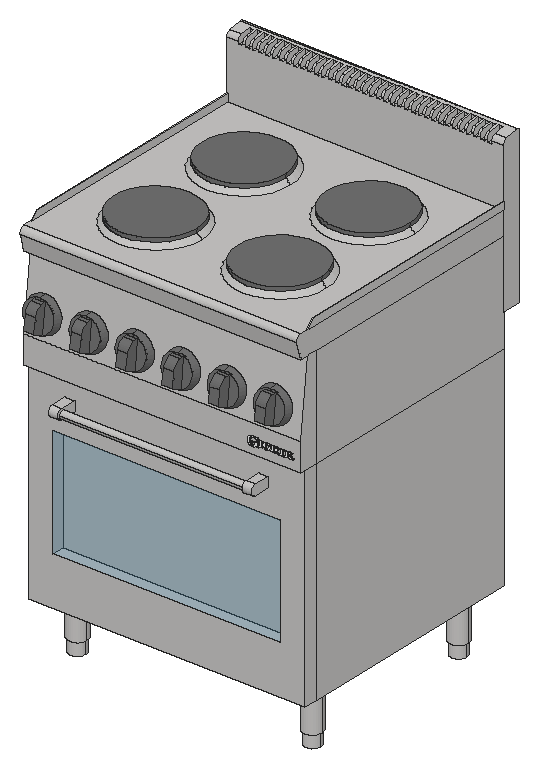
Revit family "QF_GIORIK_LPE674E", category Specialty Equipment, Revit 2014
Parameters (values of type "LPE674E")
  Weight in Pounds = 176.3696
  Watts = 10200 W
  Volts = 230 V
  URL Cutsheet = "www.giorik.com"
  URL = "www.giorik.com"
  Status [instance] = ""
  Specification by User [instance] = ""
  Specification by Manufacturer = ""
  Show Logo [instance] = yes
  Show Clearance [instance] = yes
  Serial Number = ""
  Seismic Rating = ""
  SMACNA No = ""
  Revision Code [instance] = ""
  Phase = 1
  Number of Poles [instance] = 1
  NAFEM Spec ID Number = ""
  Model = "LPE674E"
  Min Ckt Ampacity = 0 A
  Max Overcurrent Protection = 0 A
  Masterspec = ""
  Manufacturer = "GIORIK"
  Item Number [instance] = ""
  Installed By [instance] = ""
  Identify Quantity as Lot [instance] = no
  HP = "13.678404000000"
  Furnished By [instance] = ""
  Foodservice Equipment Identifier [instance] = yes
  FL Amps = 0 A
  Electrical Remarks [instance] = ""
  Electric Connection Type [instance] = ""
  Elec Conn RI Height [instance] = 0 mm
  Elec Conn Connection Height [instance] = 610 mm
  Description = "COOKING TOP 4 PLATES ON ELECTRIC OVEN"
  Cycle = 50 Hz
  Conn Plug = ""
  CSI MasterFormat = ""
  Assembly Code = "E1090320"
  Apparent Power = 10200 VA
Reference planes
  plane 1 "Back": y = 0
  plane 2: z = 0
  plane 3 "Left": x = 0
  plane 4 "Right": x = 600
  plane 5 "Front": y = -600
  plane 6 "Top": z = 990
Forms (mm)
  Extrusion 1, solid
    sketch origin (0, 1000, -20) x (0, 1, 0) y (0, 0, 1)
      loop
        line (-1040.007, 869.975) -> (-1589.445, 869.975)
        arc (-1589.445, 869.975) -> (-1598.171, 865.672) -> (-1600.069, 856.13) r 10.999
        line (-1600.069, 856.13) -> (-1590.388, 820) -> (-1040.007, 820) -> (-1040.007, 869.975)
    from 0 to 600
  Extrusion 2, solid
    sketch origin (0, 0, 599.536) x (1, 0, 0) y (0, 1, 0)
      loop
        line (0, -550) -> (600, -550) -> (600, -40.007) -> (0, -40.007) -> (0, -550)
    from -479.536 to -19.536
  Extrusion 3, solid
    sketch origin (0, -645.251, 0) x (1, 0, 0) y (0, 0, 1)
      loop
        line (0, 580) -> (0, 120) -> (600, 120) -> (600, 580) -> (0, 580)
      loop
        line (52.345, 225.367) -> (547.299, 225.367) -> (547.299, 465.345) -> (52.345, 465.345) -> (52.345, 225.367)
    from -95.251 to -67.204
  Extrusion 4, solid
    sketch origin (0, -560.251, 0) x (1, 0, 0) y (0, 0, 1)
      loop
        line (52.345, 465.345) -> (52.345, 225.367) -> (547.299, 225.367) -> (547.299, 465.345) -> (52.345, 465.345)
    from -10.251 to 17.796
  Revolve 5, solid
    sketch origin (-599.9, -105.49, 0) x (1, 0, 0) y (0, 0, 1)
      loop
        line (1133.944, 120) -> (1133.944, 28.558) -> (1137.444, 28.558) -> (1137.444, 0) -> (1154.944, 0) -> (1154.944, 120) -> (1133.944, 120)
      axis (1154.944, 120) -> (1154.944, 0)
    angle from 0 to 360
  Revolve 6, solid
    sketch origin (-599.9, -501.453, 0) x (1, 0, 0) y (0, 0, 1)
      loop
        line (1133.944, 120) -> (1133.944, 28.558) -> (1137.444, 28.558) -> (1137.444, 0) -> (1154.944, 0) -> (1154.944, 120) -> (1133.944, 120)
      axis (1154.944, 120) -> (1154.944, 0)
    angle from 0 to 360
  Extrusion 7, solid
    sketch origin (0, 0, 0) x (0, 1, 0) y (0, 0, 1)
      loop
        line (-570.06, 849.975) -> (-40.007, 849.975) -> (-40.007, 865.387) -> (-554.648, 865.387) -> (-570.06, 849.975)
    from 0 to 1.85
  Extrusion 8, solid
    sketch origin (0, 0, 0) x (0, 1, 0) y (0, 0, 1)
      loop
        line (-40.007, 800) -> (-550, 800) -> (-550, 580) -> (-40.007, 580) -> (-40.007, 800)
    from 0 to 600
  Extrusion 9, solid
    sketch origin (0, 0, 0) x (0, 1, 0) y (0, 0, 1)
      loop
        line (-550, 800) -> (-570.5, 800) -> (-590, 640) -> (-590, 580) -> (-550, 580) -> (-550, 800)
    from 0 to 600
  Revolve 10, solid
    sketch origin (50.155, 0.456, -0.03) x (0, 1, 0) y (0, 0, 1)
      loop
        line (-598.03, 706.389) -> (-594.27, 737.013) -> (-609.648, 734.852) -> (-613.772, 701.269) -> (-581.482, 697.305) -> (-580.629, 704.252) -> (-598.03, 706.389)
      axis (-581.482, 697.305) -> (-613.772, 701.269)
    angle from 0 to 360
  Extrusion 11, solid
    sketch origin (598.094, 0, 0) x (0, 1, 0) y (0, 0, 1)
      loop
        line (-570.06, 849.975) -> (-40.007, 849.975) -> (-40.007, 865.387) -> (-554.648, 865.387) -> (-570.06, 849.975)
    from -0.15 to 1.906
  Extrusion 12, solid
    sketch origin (0, 0, 0) x (0, 1, 0) y (0, 0, 1)
      loop
        line (-40.007, 974.217) -> (-40.007, 650.827) -> (0, 650.827) -> (0, 988.42)
        arc (0, 988.42) -> (-0.57, 989.648) -> (-1.878, 990) r 1.6
        line (-1.878, 990) -> (-31.072, 984.852)
        arc (-31.072, 984.852) -> (-37.477, 981.162) -> (-40.007, 974.217) r 10.797
    from 0 to 600
  Extrusion 13, solid
    sketch origin (-112.831, 0.456, -0.03) x (0, 1, 0) y (0, 0, 1)
      loop
        line (-635.843, 711.553) -> (-639.647, 680.575) -> (-617.415, 671.593) -> (-610.135, 730.882) -> (-617.934, 729.786)
        arc (-617.934, 729.786) -> (-629.982, 723.708) -> (-635.843, 711.553) r 20.998
    from 151.831 to 173.831
  Revolve 14, solid
    sketch origin (150.132, 0.456, -0.03) x (0, 1, 0) y (0, 0, 1)
      loop
        line (-598.03, 706.389) -> (-594.27, 737.013) -> (-609.648, 734.852) -> (-613.772, 701.269) -> (-581.482, 697.305) -> (-580.629, 704.252) -> (-598.03, 706.389)
      axis (-581.482, 697.305) -> (-613.772, 701.269)
    angle from 0 to 360
  Extrusion 15, solid
    sketch origin (-12.854, 0.456, -0.03) x (0, 1, 0) y (0, 0, 1)
      loop
        line (-635.843, 711.553) -> (-639.647, 680.575) -> (-617.415, 671.593) -> (-610.135, 730.882) -> (-617.934, 729.786)
        arc (-617.934, 729.786) -> (-629.982, 723.708) -> (-635.843, 711.553) r 20.998
    from 151.831 to 173.831
  Revolve 16, solid
    sketch origin (250.155, 0.456, -0.03) x (0, 1, 0) y (0, 0, 1)
      loop
        line (-598.03, 706.389) -> (-594.27, 737.013) -> (-609.648, 734.852) -> (-613.772, 701.269) -> (-581.482, 697.305) -> (-580.629, 704.252) -> (-598.03, 706.389)
      axis (-581.482, 697.305) -> (-613.772, 701.269)
    angle from 0 to 360
  Extrusion 17, solid
    sketch origin (87.169, 0.456, -0.03) x (0, 1, 0) y (0, 0, 1)
      loop
        line (-635.843, 711.553) -> (-639.647, 680.575) -> (-617.415, 671.593) -> (-610.135, 730.882) -> (-617.934, 729.786)
        arc (-617.934, 729.786) -> (-629.982, 723.708) -> (-635.843, 711.553) r 20.998
    from 151.831 to 173.831
  Revolve 18, solid
    sketch origin (350.155, 0.456, -0.03) x (0, 1, 0) y (0, 0, 1)
      loop
        line (-598.03, 706.389) -> (-594.27, 737.013) -> (-609.648, 734.852) -> (-613.772, 701.269) -> (-581.482, 697.305) -> (-580.629, 704.252) -> (-598.03, 706.389)
      axis (-581.482, 697.305) -> (-613.772, 701.269)
    angle from 0 to 360
  Extrusion 19, solid
    sketch origin (187.169, 0.456, -0.03) x (0, 1, 0) y (0, 0, 1)
      loop
        line (-635.843, 711.553) -> (-639.647, 680.575) -> (-617.415, 671.593) -> (-610.135, 730.882) -> (-617.934, 729.786)
        arc (-617.934, 729.786) -> (-629.982, 723.708) -> (-635.843, 711.553) r 20.998
    from 151.831 to 173.831
  Revolve 20, solid
    sketch origin (450.155, 0.456, -0.03) x (0, 1, 0) y (0, 0, 1)
      loop
        line (-598.03, 706.389) -> (-594.27, 737.013) -> (-609.648, 734.852) -> (-613.772, 701.269) -> (-581.482, 697.305) -> (-580.629, 704.252) -> (-598.03, 706.389)
      axis (-581.482, 697.305) -> (-613.772, 701.269)
    angle from 0 to 360
  Extrusion 21, solid
    sketch origin (287.169, 0.456, -0.03) x (0, 1, 0) y (0, 0, 1)
      loop
        line (-635.843, 711.553) -> (-639.647, 680.575) -> (-617.415, 671.593) -> (-610.135, 730.882) -> (-617.934, 729.786)
        arc (-617.934, 729.786) -> (-629.982, 723.708) -> (-635.843, 711.553) r 20.998
    from 151.831 to 173.831
  Revolve 22, solid
    sketch origin (550.155, 0.456, -0.03) x (0, 1, 0) y (0, 0, 1)
      loop
        line (-598.03, 706.389) -> (-594.27, 737.013) -> (-609.648, 734.852) -> (-613.772, 701.269) -> (-581.482, 697.305) -> (-580.629, 704.252) -> (-598.03, 706.389)
      axis (-581.482, 697.305) -> (-613.772, 701.269)
    angle from 0 to 360
  Extrusion 23, solid
    sketch origin (387.169, 0.456, -0.03) x (0, 1, 0) y (0, 0, 1)
      loop
        line (-635.843, 711.553) -> (-639.647, 680.575) -> (-617.415, 671.593) -> (-610.135, 730.882) -> (-617.934, 729.786)
        arc (-617.934, 729.786) -> (-629.982, 723.708) -> (-635.843, 711.553) r 20.998
    from 151.831 to 173.831
  Extrusion 24, solid
    sketch origin (0, 8.303, 0) x (0, 1, 0) y (0, 0, 1)
      loop
        line (-620.347, 517.339) -> (-586.35, 517.339) -> (-586.35, 539.337) -> (-620.347, 539.337)
        arc (-620.347, 539.337) -> (-631.346, 528.338) -> (-620.347, 517.339) r 10.999
    from 79.843 to 99.841
  Extrusion 25, solid
    sketch origin (419.961, 8.303, 0) x (0, 1, 0) y (0, 0, 1)
      loop
        line (-620.347, 517.339) -> (-586.35, 517.339) -> (-586.35, 539.337) -> (-620.347, 539.337)
        arc (-620.347, 539.337) -> (-631.346, 528.338) -> (-620.347, 517.339) r 10.999
    from 79.843 to 99.841
  Extrusion 26, solid
    sketch origin (0, 8.303, 0) x (0, 1, 0) y (0, 0, 1)
      loop
        circle (-620.347, 528.338) r 8
    from 99.841 to 499.803
  Extrusion 27, solid, visible <- "Show Clearance", detail levels coarse
    sketch origin (0, 0, 0) x (0, 1, 0) y (0, 0, 1)
      loop
        line (-578.047, 120) -> (-578.047, 580)
        arc (-578.047, 580) -> (-903.316, 445.269) -> (-1038.047, 120) r 460
        line (-1038.047, 120) -> (-578.047, 120)
    from 0 to 600
  Revolve 28, solid
    sketch origin (-1109.9, -105.49, 0) x (1, 0, 0) y (0, 0, 1)
      loop
        line (1133.944, 120) -> (1133.944, 28.558) -> (1137.444, 28.558) -> (1137.444, 0) -> (1154.944, 0) -> (1154.944, 120) -> (1133.944, 120)
      axis (1154.944, 120) -> (1154.944, 0)
    angle from 0 to 360
  Revolve 29, solid
    sketch origin (-1109.9, -501.453, 0) x (1, 0, 0) y (0, 0, 1)
      loop
        line (1133.944, 120) -> (1133.944, 28.558) -> (1137.444, 28.558) -> (1137.444, 0) -> (1154.944, 0) -> (1154.944, 120) -> (1133.944, 120)
      axis (1154.944, 120) -> (1154.944, 0)
    angle from 0 to 360
  Extrusion 30, solid
    sketch origin (568.319, 0, 4) x (1, 0, 0) y (0, 0, 1)
      loop
        circle (-38.319, 606) r 12.5
    from 20.007 to 40.007
  Extrusion 31, solid, visible <- "Show Logo"
    sketch origin (391.604, -590.5, 553.887) x (-1, 0, 0) y (0, 0, 1)
      loop
        line (-118.824, 58.358) -> (-127.804, 58.358) -> (-125.523, 56.445) -> (-125.523, 48.027) -> (-127.804, 46.113) -> (-118.824, 46.113) -> (-121.105, 48.027) -> (-121.105, 56.445) -> (-118.824, 58.358)
      loop
        line (-163.721, 58.358) -> (-172.7, 58.358) -> (-170.42, 56.445) -> (-170.42, 48.027) -> (-172.7, 46.113) -> (-163.721, 46.113) -> (-166.001, 48.027) -> (-166.001, 56.445) -> (-163.721, 58.358)
      loop
        line (-174.332, 58.358) -> (-183.312, 58.358) -> (-181.031, 56.445) -> (-181.031, 52.435) -> (-186.419, 56.955) -> (-184.416, 58.358) -> (-191.268, 58.358) -> (-188.01, 56.839) -> (-185.455, 54.283) -> (-190.846, 47.858) -> (-193.396, 46.93) -> (-193.396, 46.113) -> (-184.416, 46.113) -> (-185.437, 47.571) -> (-182.443, 51.552) -> (-181.031, 50.894) -> (-181.031, 48.027) -> (-183.312, 46.113) -> (-174.332, 46.113) -> (-176.613, 48.027) -> (-176.613, 56.445) -> (-174.332, 58.358)
      loop
        line (-115.429, 62.063) -> (-115.429, 54.198)
        arc (-115.429, 54.198) -> (-111.618, 57.803) -> (-106.847, 59.986) r 16.039
        arc (-106.847, 59.986) -> (-103.314, 59.837) -> (-100.512, 57.68) r 5.851
        arc (-100.512, 57.68) -> (-98.815, 52.267) -> (-100.512, 46.853) r 9.479
        arc (-100.512, 46.853) -> (-102.406, 44.986) -> (-104.846, 43.93) r 7.236
        arc (-104.846, 43.93) -> (-107.728, 44.111) -> (-110.052, 45.825) r 5.11
        line (-110.052, 45.825) -> (-110.052, 52.001) -> (-116.141, 52.001) -> (-116.141, 45.503) -> (-117.893, 43.751) -> (-114.094, 44.769)
        arc (-114.094, 44.769) -> (-112.56, 44.947) -> (-111.129, 44.366) r 3.115
        arc (-111.129, 44.366) -> (-104.216, 42.091) -> (-97.303, 44.366) r 11.641
        arc (-97.303, 44.366) -> (-93.396, 52.107) -> (-97.303, 59.849) r 9.622
        arc (-97.303, 59.849) -> (-104.369, 62.174) -> (-111.435, 59.849) r 11.898
        line (-111.435, 59.849) -> (-115.429, 62.063)
      loop
        arc (-129.234, 56.068) -> (-135.893, 58.628) -> (-142.552, 56.068) r 9.941
        arc (-142.552, 56.068) -> (-144.234, 52.286) -> (-142.552, 48.505) r 5.093
        arc (-142.552, 48.505) -> (-135.893, 45.945) -> (-129.234, 48.505) r 9.941
        arc (-129.234, 48.505) -> (-127.552, 52.286) -> (-129.234, 56.068) r 5.093
      loop
        arc (-132.628, 54.403) -> (-135.893, 57.668) -> (-139.158, 54.403) r 3.265
        line (-139.158, 54.403) -> (-139.158, 50.169)
        arc (-139.158, 50.169) -> (-135.893, 46.904) -> (-132.628, 50.169) r 3.265
        line (-132.628, 50.169) -> (-132.628, 54.403)
      loop
        arc (-156.363, 58.365) -> (-159.647, 55.081) -> (-156.363, 51.796) r 3.285
        line (-156.363, 51.796) -> (-159.529, 47.306) -> (-162.087, 46.113) -> (-155.847, 46.113) -> (-153.529, 51.083) -> (-150.637, 51.083) -> (-150.637, 47.784) -> (-153.022, 46.113) -> (-144.011, 46.113) -> (-146.094, 47.68) -> (-146.094, 56.493) -> (-144.229, 58.365) -> (-156.363, 58.365)
      loop
        line (-150.637, 57.512) -> (-153.637, 57.512)
        arc (-153.637, 57.512) -> (-156.237, 54.912) -> (-153.637, 52.312) r 2.6
        line (-153.637, 52.312) -> (-150.637, 52.312) -> (-150.637, 57.512)
      loop
        line (-108.924, 52.001) -> (-104.936, 49.005) -> (-100.948, 52.001) -> (-108.924, 52.001)
    from 1.5 to -0.5
  Extrusion 32, void
    sketch origin (10, 0, 990) x (0, 1, 0) y (-1, 0, 0)
      loop
        line (-40.007, -25) -> (-9.931, -25) -> (-9.931, -15) -> (-40.007, -15) -> (-40.007, -25)
      loop
        line (-40.007, -40) -> (-9.931, -40) -> (-9.931, -30) -> (-40.007, -30) -> (-40.007, -40)
      loop
        line (-40.007, -55) -> (-9.931, -55) -> (-9.931, -45) -> (-40.007, -45) -> (-40.007, -55)
      loop
        line (-40.007, -70) -> (-9.931, -70) -> (-9.931, -60) -> (-40.007, -60) -> (-40.007, -70)
      loop
        line (-40.007, -85) -> (-9.931, -85) -> (-9.931, -75) -> (-40.007, -75) -> (-40.007, -85)
      loop
        line (-40.007, -100) -> (-9.931, -100) -> (-9.931, -90) -> (-40.007, -90) -> (-40.007, -100)
      loop
        line (-40.007, -115) -> (-9.931, -115) -> (-9.931, -105) -> (-40.007, -105) -> (-40.007, -115)
      loop
        line (-40.007, -130) -> (-9.931, -130) -> (-9.931, -120) -> (-40.007, -120) -> (-40.007, -130)
      loop
        line (-40.007, -145) -> (-9.931, -145) -> (-9.931, -135) -> (-40.007, -135) -> (-40.007, -145)
      loop
        line (-40.007, -160) -> (-9.931, -160) -> (-9.931, -150) -> (-40.007, -150) -> (-40.007, -160)
      loop
        line (-40.007, -175) -> (-9.931, -175) -> (-9.931, -165) -> (-40.007, -165) -> (-40.007, -175)
      loop
        line (-40.007, -190) -> (-9.931, -190) -> (-9.931, -180) -> (-40.007, -180) -> (-40.007, -190)
      loop
        line (-40.007, -205) -> (-9.931, -205) -> (-9.931, -195) -> (-40.007, -195) -> (-40.007, -205)
      loop
        line (-40.007, -220) -> (-9.931, -220) -> (-9.931, -210) -> (-40.007, -210) -> (-40.007, -220)
      loop
        line (-40.007, -235) -> (-9.931, -235) -> (-9.931, -225) -> (-40.007, -225) -> (-40.007, -235)
      loop
        line (-40.007, -250) -> (-9.931, -250) -> (-9.931, -240) -> (-40.007, -240) -> (-40.007, -250)
      loop
        line (-40.007, -265) -> (-9.931, -265) -> (-9.931, -255) -> (-40.007, -255) -> (-40.007, -265)
      loop
        line (-40.007, -280) -> (-9.931, -280) -> (-9.931, -270) -> (-40.007, -270) -> (-40.007, -280)
      loop
        line (-40.007, -295) -> (-9.931, -295) -> (-9.931, -285) -> (-40.007, -285) -> (-40.007, -295)
      loop
        line (-40.007, -310) -> (-9.931, -310) -> (-9.931, -300) -> (-40.007, -300) -> (-40.007, -310)
      loop
        line (-40.007, -325) -> (-9.931, -325) -> (-9.931, -315) -> (-40.007, -315) -> (-40.007, -325)
      loop
        line (-40.007, -340) -> (-9.931, -340) -> (-9.931, -330) -> (-40.007, -330) -> (-40.007, -340)
      loop
        line (-40.007, -355) -> (-9.931, -355) -> (-9.931, -345) -> (-40.007, -345) -> (-40.007, -355)
      loop
        line (-40.007, -370) -> (-9.931, -370) -> (-9.931, -360) -> (-40.007, -360) -> (-40.007, -370)
      loop
        line (-40.007, -385) -> (-9.931, -385) -> (-9.931, -375) -> (-40.007, -375) -> (-40.007, -385)
      loop
        line (-40.007, -400) -> (-9.931, -400) -> (-9.931, -390) -> (-40.007, -390) -> (-40.007, -400)
      loop
        line (-40.007, -415) -> (-9.931, -415) -> (-9.931, -405) -> (-40.007, -405) -> (-40.007, -415)
      loop
        line (-40.007, -430) -> (-9.931, -430) -> (-9.931, -420) -> (-40.007, -420) -> (-40.007, -430)
      loop
        line (-40.007, -445) -> (-9.931, -445) -> (-9.931, -435) -> (-40.007, -435) -> (-40.007, -445)
      loop
        line (-40.007, -460) -> (-9.931, -460) -> (-9.931, -450) -> (-40.007, -450) -> (-40.007, -460)
      loop
        line (-40.007, -475) -> (-9.931, -475) -> (-9.931, -465) -> (-40.007, -465) -> (-40.007, -475)
      loop
        line (-40.007, -490) -> (-9.931, -490) -> (-9.931, -480) -> (-40.007, -480) -> (-40.007, -490)
      loop
        line (-40.007, -505) -> (-9.931, -505) -> (-9.931, -495) -> (-40.007, -495) -> (-40.007, -505)
      loop
        line (-40.007, -520) -> (-9.931, -520) -> (-9.931, -510) -> (-40.007, -510) -> (-40.007, -520)
      loop
        line (-40.007, -535) -> (-9.931, -535) -> (-9.931, -525) -> (-40.007, -525) -> (-40.007, -535)
      loop
        line (-40.007, -550) -> (-9.931, -550) -> (-9.931, -540) -> (-40.007, -540) -> (-40.007, -550)
      loop
        line (-40.007, -565) -> (-9.931, -565) -> (-9.931, -555) -> (-40.007, -555) -> (-40.007, -565)
    from 0 to -20
  Extrusion 33, solid
    sketch origin (-24.999, 31.516, 844.975) x (0, 1, 0) y (-1, 0, 0)
      loop
        circle (-231.5, -189.999) r 90
    from 23 to 15
  Blend 34, solid
    base sketch origin (719.361, -790.989, 849.975) x (0, 1, 0) y (-1, 0, 0)
      loop
        circle (591.004, 554.361) r 100
    top sketch origin (719.361, -790.989, 879.988) x (0, 1, 0) y (-1, 0, 0)
      loop
        circle (591.004, 554.361) r 90
    from 0 to -20.012
  Extrusion 35, solid
    sketch origin (624.999, 31.516, 844.975) x (0, 1, 0) y (-1, 0, 0)
      loop
        circle (-231.5, 189.999) r 90
    from 23 to 15
  Blend 36, solid
    base sketch origin (-119.361, -790.989, 849.975) x (0, 1, 0) y (-1, 0, 0)
      loop
        circle (591.004, -554.361) r 100
    top sketch origin (-119.361, -790.989, 879.988) x (0, 1, 0) y (-1, 0, 0)
      loop
        circle (591.004, -554.361) r 90
    from 0 to -20.012
  Extrusion 37, solid
    sketch origin (624.999, -671.522, 844.975) x (0, -1, 0) y (1, 0, 0)
      loop
        circle (-231.5, -189.999) r 90
    from 23 to 15
  Blend 38, solid
    base sketch origin (-119.361, 150.982, 849.975) x (0, -1, 0) y (1, 0, 0)
      loop
        circle (591.004, 554.361) r 100
    top sketch origin (-119.361, 150.982, 879.988) x (0, -1, 0) y (1, 0, 0)
      loop
        circle (591.004, 554.361) r 90
    from 0 to -20.012
  Extrusion 39, solid
    sketch origin (-24.999, -671.522, 844.975) x (0, -1, 0) y (1, 0, 0)
      loop
        circle (-231.5, 189.999) r 90
    from 23 to 15
  Blend 40, solid
    base sketch origin (719.361, 150.982, 849.975) x (0, -1, 0) y (1, 0, 0)
      loop
        circle (591.004, -554.361) r 100
    top sketch origin (719.361, 150.982, 879.988) x (0, -1, 0) y (1, 0, 0)
      loop
        circle (591.004, -554.361) r 90
    from 0 to -20.012
  Extrusion 41, solid
    sketch origin (0, 0, 0) x (1, 0, 0) y (0, 0, 1)
      loop
        line (66.044, 120) -> (66.044, 95) -> (534.044, 95) -> (534.044, 120) -> (66.044, 120)
    from 141.49 to 465.453
Cuts and joins
  Extrusion 32 cuts Extrusion 2
  Extrusion 32 cuts Extrusion 12
Lines and regions (mm)
  symbolic lines, style "200-EquipBorder-2D"
    curve 1: line (600, 0, 0) -> (0, 0, 0)
    curve 2: line (0, 0, 0) -> (0, -600, 0)
    curve 122: line (600, -600, 990) -> (600, 0, 990)
    curve 131: line (499.803, -604.044, 990) -> (486.56, -604.044, 990)
    curve 132: line (499.803, -620.044, 990) -> (461, -620.044, 990)
    curve 133: line (499.803, -623.043, 990) -> (519.801, -623.043, 990)
    curve 134: line (519.801, -623.043, 990) -> (519.801, -615.086, 990)
    curve 135: line (439, -620.044, 990) -> (361, -620.044, 990)
    curve 136: line (339, -620.044, 990) -> (261, -620.044, 990)
    curve 137: line (239, -620.044, 990) -> (160.977, -620.044, 990)
    curve 138: line (138.977, -620.044, 990) -> (99.841, -620.044, 990)
    curve 139: line (499.803, -623.043, 990) -> (499.803, -620.044, 990)
    curve 140: line (499.803, -604.044, 990) -> (499.803, -600, 990)
    curve 141: line (413.724, -603.948, 990) -> (386.587, -603.948, 990)
    curve 142: line (313.744, -604.018, 990) -> (286.567, -604.018, 990)
    curve 143: line (213.75, -604.039, 990) -> (186.538, -604.039, 990)
    curve 144: line (99.841, -600, 990) -> (99.841, -604.044, 990)
    curve 145: line (99.841, -604.044, 990) -> (113.728, -604.044, 990)
    curve 146: line (99.841, -620.044, 990) -> (99.841, -623.043, 990)
    curve 147: line (99.841, -623.043, 990) -> (79.843, -623.043, 990)
    curve 148: line (79.843, -623.043, 990) -> (79.843, -615.278, 990)
    curve 149: line (600, -600, 990) -> (0, -600, 990)
    curve 150: spline (39, -617.202, 990) -> (35.789, -617.041, 990) -> (32.73, -616.841, 990) -> (29.856, -616.604, 990) -> (27.196, -616.332, 990) -> (24.779, -616.028, 990) -> (22.63, -615.696, 990) -> (20.772, -615.338, 990) -> (19.225, -614.96, 990) -> (18.004, -614.563, 990) -> (17.122, -614.154, 990) -> (16.59, -613.736, 990) -> (16.412, -613.313, 990)
    curve 151: spline (84.073, -613.408, 990) -> (83.819, -613.826, 990) -> (83.218, -614.239, 990) -> (82.275, -614.643, 990) -> (81.001, -615.033, 990) -> (79.408, -615.405, 990) -> (77.513, -615.755, 990) -> (75.336, -616.08, 990) -> (72.898, -616.376, 990) -> (70.227, -616.641, 990) -> (67.348, -616.871, 990) -> (64.293, -617.065, 990) -> (61.091, -617.219, 990)
    curve 152: line (16.412, -613.313, 990) -> (12.735, -600, 990)
    curve 153: line (84.073, -613.408, 990) -> (87.578, -600, 990)
    curve 154: line (39, -639.19, 430) -> (39, -609.679, 430)
    curve 155: line (39, -639.19, 430) -> (61, -639.19, 430)
    curve 156: line (61, -639.19, 430) -> (61, -609.679, 430)
    curve 157: spline (16.412, -613.313, 430) -> (17.564, -612.264, 430) -> (20.941, -611.286, 430) -> (26.314, -610.446, 430) -> (33.316, -609.802, 430) -> (41.47, -609.396, 430) -> (50.22, -609.258, 430) -> (58.97, -609.396, 430) -> (67.124, -609.802, 430) -> (74.126, -610.446, 430) -> (79.499, -611.286, 430) -> (82.877, -612.264, 430) -> (84.029, -613.313, 430)
    curve 158: line (39, -609.679, 430) -> (61, -609.679, 430)
    curve 159: spline (138.977, -617.202, 990) -> (135.765, -617.041, 990) -> (132.707, -616.841, 990) -> (129.832, -616.604, 990) -> (127.172, -616.332, 990) -> (124.756, -616.028, 990) -> (122.607, -615.696, 990) -> (120.749, -615.338, 990) -> (119.201, -614.96, 990) -> (117.98, -614.563, 990) -> (117.099, -614.154, 990) -> (116.566, -613.736, 990) -> (116.388, -613.313, 990)
    curve 160: spline (184.05, -613.408, 990) -> (183.796, -613.826, 990) -> (183.195, -614.239, 990) -> (182.252, -614.643, 990) -> (180.977, -615.033, 990) -> (179.384, -615.405, 990) -> (177.489, -615.755, 990) -> (175.312, -616.08, 990) -> (172.875, -616.376, 990) -> (170.203, -616.641, 990) -> (167.325, -616.871, 990) -> (164.269, -617.065, 990) -> (161.068, -617.219, 990)
    curve 161: line (116.388, -613.313, 990) -> (112.711, -600, 990)
    curve 162: line (184.05, -613.408, 990) -> (187.555, -600, 990)
    curve 163: line (138.977, -639.19, 430) -> (138.977, -609.679, 430)
    curve 164: line (138.977, -639.19, 430) -> (160.977, -639.19, 430)
    curve 165: line (160.977, -639.19, 430) -> (160.977, -609.679, 430)
    curve 166: spline (116.388, -613.313, 430) -> (117.54, -612.264, 430) -> (120.918, -611.286, 430) -> (126.29, -610.446, 430) -> (133.292, -609.802, 430) -> (141.446, -609.396, 430) -> (150.197, -609.258, 430) -> (158.947, -609.396, 430) -> (167.101, -609.802, 430) -> (174.103, -610.446, 430) -> (179.476, -611.286, 430) -> (182.853, -612.264, 430) -> (184.005, -613.313, 430)
    curve 167: line (138.977, -609.679, 430) -> (160.977, -609.679, 430)
    curve 168: spline (239, -617.202, 990) -> (235.789, -617.041, 990) -> (232.73, -616.841, 990) -> (229.856, -616.604, 990) -> (227.196, -616.332, 990) -> (224.779, -616.028, 990) -> (222.63, -615.696, 990) -> (220.772, -615.338, 990) -> (219.225, -614.96, 990) -> (218.004, -614.563, 990) -> (217.122, -614.154, 990) -> (216.59, -613.736, 990) -> (216.412, -613.313, 990)
    curve 169: spline (284.073, -613.408, 990) -> (283.819, -613.826, 990) -> (283.218, -614.239, 990) -> (282.275, -614.643, 990) -> (281.001, -615.033, 990) -> (279.408, -615.405, 990) -> (277.513, -615.755, 990) -> (275.336, -616.08, 990) -> (272.898, -616.376, 990) -> (270.227, -616.641, 990) -> (267.348, -616.871, 990) -> (264.293, -617.065, 990) -> (261.091, -617.219, 990)
    curve 170: line (216.412, -613.313, 990) -> (212.735, -600, 990)
    curve 171: line (284.073, -613.408, 990) -> (287.578, -600, 990)
    curve 172: line (239, -639.19, 430) -> (239, -609.679, 430)
    curve 173: line (239, -639.19, 430) -> (261, -639.19, 430)
    curve 174: line (261, -639.19, 430) -> (261, -609.679, 430)
    curve 175: spline (216.412, -613.313, 430) -> (217.564, -612.264, 430) -> (220.941, -611.286, 430) -> (226.314, -610.446, 430) -> (233.316, -609.802, 430) -> (241.47, -609.396, 430) -> (250.22, -609.258, 430) -> (258.97, -609.396, 430) -> (267.124, -609.802, 430) -> (274.126, -610.446, 430) -> (279.499, -611.286, 430) -> (282.877, -612.264, 430) -> (284.029, -613.313, 430)
    curve 176: line (239, -609.679, 430) -> (261, -609.679, 430)
    curve 177: spline (339, -617.202, 990) -> (335.789, -617.041, 990) -> (332.73, -616.841, 990) -> (329.856, -616.604, 990) -> (327.196, -616.332, 990) -> (324.779, -616.028, 990) -> (322.63, -615.696, 990) -> (320.772, -615.338, 990) -> (319.225, -614.96, 990) -> (318.004, -614.563, 990) -> (317.122, -614.154, 990) -> (316.59, -613.736, 990) -> (316.412, -613.313, 990)
    curve 178: spline (384.073, -613.408, 990) -> (383.819, -613.826, 990) -> (383.218, -614.239, 990) -> (382.275, -614.643, 990) -> (381.001, -615.033, 990) -> (379.408, -615.405, 990) -> (377.513, -615.755, 990) -> (375.336, -616.08, 990) -> (372.898, -616.376, 990) -> (370.227, -616.641, 990) -> (367.348, -616.871, 990) -> (364.293, -617.065, 990) -> (361.091, -617.219, 990)
    curve 179: line (316.412, -613.313, 990) -> (312.735, -600, 990)
    curve 180: line (384.073, -613.408, 990) -> (387.578, -600, 990)
    curve 181: line (339, -639.19, 430) -> (339, -609.679, 430)
    curve 182: line (339, -639.19, 430) -> (361, -639.19, 430)
    curve 183: line (361, -639.19, 430) -> (361, -609.679, 430)
    curve 184: spline (316.412, -613.313, 430) -> (317.564, -612.264, 430) -> (320.941, -611.286, 430) -> (326.314, -610.446, 430) -> (333.316, -609.802, 430) -> (341.47, -609.396, 430) -> (350.22, -609.258, 430) -> (358.97, -609.396, 430) -> (367.124, -609.802, 430) -> (374.126, -610.446, 430) -> (379.499, -611.286, 430) -> (382.877, -612.264, 430) -> (384.029, -613.313, 430)
    curve 185: line (339, -609.679, 430) -> (361, -609.679, 430)
    curve 186: spline (439, -617.202, 990) -> (435.789, -617.041, 990) -> (432.73, -616.841, 990) -> (429.856, -616.604, 990) -> (427.196, -616.332, 990) -> (424.779, -616.028, 990) -> (422.63, -615.696, 990) -> (420.772, -615.338, 990) -> (419.225, -614.96, 990) -> (418.004, -614.563, 990) -> (417.122, -614.154, 990) -> (416.59, -613.736, 990) -> (416.412, -613.313, 990)
    curve 187: spline (484.073, -613.408, 990) -> (483.819, -613.826, 990) -> (483.218, -614.239, 990) -> (482.275, -614.643, 990) -> (481.001, -615.033, 990) -> (479.408, -615.405, 990) -> (477.513, -615.755, 990) -> (475.336, -616.08, 990) -> (472.898, -616.376, 990) -> (470.227, -616.641, 990) -> (467.348, -616.871, 990) -> (464.293, -617.065, 990) -> (461.091, -617.219, 990)
    curve 188: line (416.412, -613.313, 990) -> (412.735, -600, 990)
    curve 189: line (484.073, -613.408, 990) -> (487.578, -600, 990)
    curve 190: line (439, -639.19, 430) -> (439, -609.679, 430)
    curve 191: line (439, -639.19, 430) -> (461, -639.19, 430)
    curve 192: line (461, -639.19, 430) -> (461, -609.679, 430)
    curve 193: spline (416.412, -613.313, 430) -> (417.564, -612.264, 430) -> (420.941, -611.286, 430) -> (426.314, -610.446, 430) -> (433.316, -609.802, 430) -> (441.47, -609.396, 430) -> (450.22, -609.258, 430) -> (458.97, -609.396, 430) -> (467.124, -609.802, 430) -> (474.126, -610.446, 430) -> (479.499, -611.286, 430) -> (482.877, -612.264, 430) -> (484.029, -613.313, 430)
    curve 194: line (439, -609.679, 430) -> (461, -609.679, 430)
    curve 195: spline (539, -617.202, 990) -> (535.789, -617.041, 990) -> (532.73, -616.841, 990) -> (529.856, -616.604, 990) -> (527.196, -616.332, 990) -> (524.779, -616.028, 990) -> (522.63, -615.696, 990) -> (520.772, -615.338, 990) -> (519.225, -614.96, 990) -> (518.004, -614.563, 990) -> (517.122, -614.154, 990) -> (516.59, -613.736, 990) -> (516.412, -613.313, 990)
    curve 196: spline (584.073, -613.408, 990) -> (583.819, -613.826, 990) -> (583.218, -614.239, 990) -> (582.275, -614.643, 990) -> (581.001, -615.033, 990) -> (579.408, -615.405, 990) -> (577.513, -615.755, 990) -> (575.336, -616.08, 990) -> (572.898, -616.376, 990) -> (570.227, -616.641, 990) -> (567.348, -616.871, 990) -> (564.293, -617.065, 990) -> (561.091, -617.219, 990)
    curve 197: line (516.412, -613.313, 990) -> (512.735, -600, 990)
    curve 198: line (584.073, -613.408, 990) -> (587.578, -600, 990)
    curve 199: line (539, -639.19, 430) -> (539, -609.679, 430)
    curve 200: line (539, -639.19, 430) -> (561, -639.19, 430)
    curve 201: line (561, -639.19, 430) -> (561, -609.679, 430)
    curve 202: spline (516.412, -613.313, 430) -> (517.564, -612.264, 430) -> (520.941, -611.286, 430) -> (526.314, -610.446, 430) -> (533.316, -609.802, 430) -> (541.47, -609.396, 430) -> (550.22, -609.258, 430) -> (558.97, -609.396, 430) -> (567.124, -609.802, 430) -> (574.126, -610.446, 430) -> (579.499, -611.286, 430) -> (582.877, -612.264, 430) -> (584.029, -613.313, 430)
    curve 203: line (539, -609.679, 430) -> (561, -609.679, 430)
  symbolic lines, style "200-EquipInternal-2D"
    curve 3: line (600, -40.007, 990) -> (0, -40.007, 990)
    curve 4: line (597.944, -570.06, 990) -> (600, -570.06, 990)
    curve 5: line (597.944, -40.007, 990) -> (597.944, -570.06, 990)
    curve 9: line (0, -570.06, 990) -> (1.85, -570.06, 990)
    curve 10: line (1.85, -570.06, 990) -> (1.85, -40.007, 990)
    curve 11: line (25, -9.931, 290) -> (25, -40.007, 290)
    curve 12: line (35, -40.007, 290) -> (35, -9.931, 290)
    curve 13: line (40, -9.931, 290) -> (40, -40.007, 290)
    curve 14: line (50, -40.007, 290) -> (50, -9.931, 290)
    curve 15: line (55, -9.931, 290) -> (55, -40.007, 290)
    curve 16: line (65, -40.007, 290) -> (65, -9.931, 290)
    curve 17: line (85, -9.931, 290) -> (85, -40.007, 290)
    curve 18: line (95, -40.007, 290) -> (95, -9.931, 290)
    curve 19: line (100, -9.931, 290) -> (100, -40.007, 290)
    curve 20: line (110, -40.007, 290) -> (110, -9.931, 290)
    curve 21: line (140, -40.007, 290) -> (140, -9.931, 290)
    curve 22: line (130, -9.931, 290) -> (130, -40.007, 290)
    curve 23: line (155, -40.007, 290) -> (155, -9.931, 290)
    curve 24: line (160, -9.931, 290) -> (160, -40.007, 290)
    curve 25: line (170, -40.007, 290) -> (170, -9.931, 290)
    curve 26: line (145, -9.931, 290) -> (145, -40.007, 290)
    curve 27: line (200, -40.007, 290) -> (200, -9.931, 290)
    curve 28: line (190, -9.931, 290) -> (190, -40.007, 290)
    curve 29: line (205, -9.931, 290) -> (205, -40.007, 290)
    curve 30: line (215, -40.007, 290) -> (215, -9.931, 290)
    curve 31: line (220, -9.931, 290) -> (220, -40.007, 290)
    curve 32: line (230, -40.007, 290) -> (230, -9.931, 290)
    curve 33: line (250, -9.931, 290) -> (250, -40.007, 290)
    curve 34: line (260, -40.007, 290) -> (260, -9.931, 290)
    curve 35: line (265, -9.931, 290) -> (265, -40.007, 290)
    curve 36: line (275, -40.007, 290) -> (275, -9.931, 290)
    curve 37: line (280, -9.931, 290) -> (280, -40.007, 290)
    curve 38: line (290, -40.007, 290) -> (290, -9.931, 290)
    curve 39: line (320, -40.007, 290) -> (320, -9.931, 290)
    curve 40: line (310, -9.931, 290) -> (310, -40.007, 290)
    curve 41: line (335, -40.007, 290) -> (335, -9.931, 290)
    curve 42: line (325, -9.931, 290) -> (325, -40.007, 290)
    curve 43: line (340, -9.931, 290) -> (340, -40.007, 290)
    curve 44: line (350, -40.007, 290) -> (350, -9.931, 290)
    curve 45: line (370, -9.931, 290) -> (370, -40.007, 290)
    curve 46: line (380, -40.007, 290) -> (380, -9.931, 290)
    curve 47: line (385, -9.931, 290) -> (385, -40.007, 290)
    curve 48: line (395, -9.931, 290) -> (385, -9.931, 290)
    curve 49: line (380, -9.931, 290) -> (370, -9.931, 290)
    curve 50: line (350, -9.931, 290) -> (340, -9.931, 290)
    curve 51: line (335, -9.931, 290) -> (325, -9.931, 290)
    curve 52: line (320, -9.931, 290) -> (310, -9.931, 290)
    curve 53: line (275, -9.931, 290) -> (265, -9.931, 290)
    curve 54: line (110, -9.931, 290) -> (100, -9.931, 290)
    curve 55: line (95, -9.931, 290) -> (85, -9.931, 290)
    curve 56: line (65, -9.931, 290) -> (55, -9.931, 290)
    curve 57: line (35, -9.931, 290) -> (25, -9.931, 290)
    curve 58: line (140, -9.931, 290) -> (130, -9.931, 290)
    curve 59: line (155, -9.931, 290) -> (145, -9.931, 290)
    curve 60: line (170, -9.931, 290) -> (160, -9.931, 290)
    curve 61: line (200, -9.931, 290) -> (190, -9.931, 290)
    curve 62: line (215, -9.931, 290) -> (205, -9.931, 290)
    curve 63: line (230, -9.931, 290) -> (220, -9.931, 290)
    curve 64: line (260, -9.931, 290) -> (250, -9.931, 290)
    curve 65: line (50, -9.931, 290) -> (40, -9.931, 290)
    curve 66: line (70, -9.931, 990) -> (70, -40.007, 990)
    curve 67: line (80, -40.007, 990) -> (80, -9.931, 990)
    curve 68: line (80, -9.931, 990) -> (70, -9.931, 990)
    curve 69: line (115, -9.931, 990) -> (115, -40.007, 990)
    curve 70: line (125, -40.007, 990) -> (125, -9.931, 990)
    curve 71: line (125, -9.931, 990) -> (115, -9.931, 990)
    curve 72: line (175, -9.931, 990) -> (175, -40.007, 990)
    curve 73: line (185, -40.007, 990) -> (185, -9.931, 990)
    curve 74: line (185, -9.931, 990) -> (175, -9.931, 990)
    curve 75: line (235, -9.931, 990) -> (235, -40.007, 990)
    curve 76: line (245, -40.007, 990) -> (245, -9.931, 990)
    curve 77: line (245, -9.931, 990) -> (235, -9.931, 990)
    curve 78: line (290, -9.931, 990) -> (280, -9.931, 990)
    curve 79: line (305, -9.931, 990) -> (295, -9.931, 990)
    curve 80: line (295, -9.931, 990) -> (295, -40.007, 990)
    curve 81: line (305, -40.007, 990) -> (305, -9.931, 990)
    curve 82: line (355, -9.931, 990) -> (355, -40.007, 990)
    curve 83: line (365, -40.007, 990) -> (365, -9.931, 990)
    curve 84: line (365, -9.931, 990) -> (355, -9.931, 990)
    curve 85: line (395, -40.007, 990) -> (395, -9.931, 990)
    curve 86: line (400, -9.931, 990) -> (400, -40.007, 990)
    curve 87: line (410, -40.007, 990) -> (410, -9.931, 990)
    curve 88: line (410, -9.931, 990) -> (400, -9.931, 990)
    curve 89: line (425, -9.931, 990) -> (415, -9.931, 990)
    curve 90: line (415, -9.931, 990) -> (415, -40.007, 990)
    curve 91: line (425, -40.007, 990) -> (425, -9.931, 990)
    curve 92: line (430, -9.931, 990) -> (430, -40.007, 990)
    curve 93: line (440, -40.007, 990) -> (440, -9.931, 990)
    curve 94: line (440, -9.931, 990) -> (430, -9.931, 990)
    curve 95: line (445, -9.931, 990) -> (445, -40.007, 990)
    curve 96: line (455, -40.007, 990) -> (455, -9.931, 990)
    curve 97: line (460, -9.931, 990) -> (460, -40.007, 990)
    curve 98: line (470, -40.007, 990) -> (470, -9.931, 990)
    curve 99: line (475, -9.931, 990) -> (475, -40.007, 990)
    curve 100: line (485, -40.007, 990) -> (485, -9.931, 990)
    curve 101: line (490, -9.931, 990) -> (490, -40.007, 990)
    curve 102: line (500, -40.007, 990) -> (500, -9.931, 990)
    curve 103: line (505, -9.931, 990) -> (505, -40.007, 990)
    curve 104: line (515, -40.007, 990) -> (515, -9.931, 990)
    curve 105: line (520, -9.931, 990) -> (520, -40.007, 990)
    curve 106: line (530, -40.007, 990) -> (530, -9.931, 990)
    curve 107: line (535, -9.931, 990) -> (535, -40.007, 990)
    curve 108: line (545, -40.007, 990) -> (545, -9.931, 990)
    curve 109: line (550, -9.931, 990) -> (550, -40.007, 990)
    curve 110: line (560, -40.007, 990) -> (560, -9.931, 990)
    curve 111: line (565, -9.931, 990) -> (565, -40.007, 990)
    curve 112: line (455, -9.931, 990) -> (445, -9.931, 990)
    curve 113: line (470, -9.931, 990) -> (460, -9.931, 990)
    curve 114: line (485, -9.931, 990) -> (475, -9.931, 990)
    curve 115: line (500, -9.931, 990) -> (490, -9.931, 990)
    curve 116: line (515, -9.931, 990) -> (505, -9.931, 990)
    curve 117: line (530, -9.931, 990) -> (520, -9.931, 990)
    curve 118: line (545, -9.931, 990) -> (535, -9.931, 990)
    curve 119: line (560, -9.931, 990) -> (550, -9.931, 990)
    curve 120: line (575, -9.931, 990) -> (565, -9.931, 990)
    curve 121: line (575, -40.007, 990) -> (575, -9.931, 990)
    curve 123: circle (165, -199.984, 900) r 90 normal (0, 0, 1)
    curve 124: circle (165, -199.984, 900) r 100 normal (0, 0, 1)
    curve 125: circle (435, -199.984, 900) r 100 normal (0, 0, 1)
    curve 126: circle (435, -199.984, 900) r 90 normal (0, 0, 1)
    curve 127: circle (435, -440.022, 900) r 90 normal (0, 0, 1)
    curve 128: circle (435, -440.022, 900) r 100 normal (0, 0, 1)
    curve 129: circle (165, -440.022, 900) r 90 normal (0, 0, 1)
    curve 130: circle (165, -440.022, 900) r 100 normal (0, 0, 1)
  symbolic lines, style "QF_Door-Drawer Clearances", visible <- "Show Clearance", detail levels coarse
    curve 6: line (0, -600, 990) -> (0, -1038.047, 990)
    curve 7: line (0, -1038.047, 990) -> (600, -1038.047, 990)
  symbolic lines, style "QF_Door-Drawer Clearances", visible <- "Show Logo", detail levels coarse
    curve 8: line (600, -1038.047, 990) -> (600, -600, 990)
Dimensions and locks
  plane 3 "Left" to plane 4 "Right" = 600 mm
  plane 5 "Front" to plane 1 "Back" = 600 mm
  plane 4 "Right" to plane 3 "Left" = 600 mm
  plane 1 "Back" to plane 5 "Front" = 600 mm
  plane 6 "Top" to level = 990 mm  (x2)
  aligned and locked: level to plane 2
Connectors
  electrical at (530, -20.007, 610), driven by "Apparent Power", driven by "Volts", driven by "Number of Poles"
    settings: on Extrusion 30, index 1, voltage 230 V, apparent load 0 VA, apparent load phase1 10200 VA, apparent load phase2 0 VA, apparent load phase3 0 VA, power factor 1, load classification "Other", number of poles 1, system type 31, power factor state 1, is connector primary yes, connector utility no, sub classification motor no, connector description "Electrical coonection"
